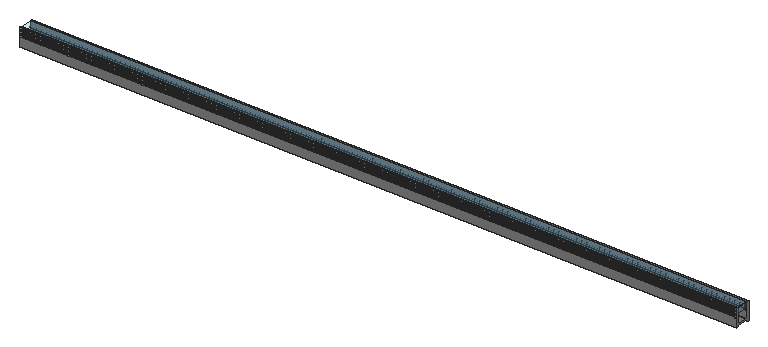
Revit family "LC1502", category Luminarias, Revit 2019
Family settings
  Cota de conector redondo = Diámetro de uso
  Tipo de pieza = Normal
  Se basa en plano de trabajo = Sí
  Siempre vertical = No
  Corte con vacíos al cargar = No
  Origen de luz = No
  Compartido = No
  Punto de cálculo de habitación = No
Parameters (values of type "LC1502")
  Zone [instance] = ""
  Watt per fixture [instance] = (Longitud / 1000 mm) * (10)  # 10
  Modelo = "LC1502"
  Lámpara = "2835 SMD"
  Longitud [instance] = 1000 mm
  Fabricante = "BRILLANT"
  Default Elevation = 0 mm
  Descripción = "PERFIL DE ALUMINIO ARMADO DE 1M DE TIRA LED 2835 CON UNA POTENCIA DE 10W DE 1000MM DE LARGO POR 20MM DE ANCHO POR 24MM DE ALTO, INSTALACION EMPOTRADO EN SUPERFICIE CON 0.2M DE CABLE. PESO MAXIMO PARA SOPORTAR 24.2kN. PRESENTACION DE 1 METRO. IP 67, TEMPERATURA DE COLOR A BLANCO CALIDO 3000K, ALIMENTADO A 24V."
  Costo USD_LC1502 [instance] = (Longitud / 1000 mm) * (100)  # 100
  Costo = 0
  Comentarios de vataje = "24V"
  Circuit [instance] = ""
  Ancho = 20 mm
  Altura = 24 mm
Reference planes
  plane 1 "Centro (Frontal/Posterior)": y = 0
  plane 2: z = 0
  plane 3 "Centro (Izquierda/Derecha)": x = 0
  plane 4: x = 0
  plane 5: z = 24
  plane 6: x = -1000
  plane 7: y = 10
  plane 8: y = -10
Forms (mm)
  Extrusion 1, solid, material "Default Floor"
    sketch origin (0, 0, 0) x (0, 1, 0) y (0, 0, 1)
      loop
        line (-10, 24) -> (-10, 22.999)
        arc (-10, 22.999) -> (-9.556, 22.555) -> (-10, 22.112) r 0.444
        line (-10, 22.112) -> (-10, 21.312)
        arc (-10, 21.312) -> (-9.556, 20.868) -> (-10, 20.424) r 0.444
        line (-10, 20.424) -> (-10, 19.624)
        arc (-10, 19.624) -> (-9.556, 19.181) -> (-10, 18.737) r 0.444
        line (-10, 18.737) -> (-10, 17.937)
        arc (-10, 17.937) -> (-9.556, 17.494) -> (-10, 17.05) r 0.444
        line (-10, 17.05) -> (-10, 16.25)
        arc (-10, 16.25) -> (-9.556, 15.806) -> (-10, 15.363) r 0.444
        line (-10, 15.363) -> (-10, 14.563)
        arc (-10, 14.563) -> (-9.556, 14.119) -> (-10, 13.675) r 0.444
        line (-10, 13.675) -> (-10, 12.875)
        arc (-10, 12.875) -> (-9.556, 12.432) -> (-10, 11.988) r 0.444
        line (-10, 11.988) -> (-10, 0) -> (-7.991, 0) -> (-7.991, 1.249) -> (7.991, 1.249) -> (7.991, 0) -> (10, 0) -> (10, 11.988)
        arc (10, 11.988) -> (9.556, 12.432) -> (10, 12.875) r 0.444
        line (10, 12.875) -> (10, 13.675)
        arc (10, 13.675) -> (9.556, 14.119) -> (10, 14.563) r 0.444
        line (10, 14.563) -> (10, 15.363)
        arc (10, 15.363) -> (9.556, 15.806) -> (10, 16.25) r 0.444
        line (10, 16.25) -> (10, 17.05)
        arc (10, 17.05) -> (9.556, 17.494) -> (10, 17.937) r 0.444
        line (10, 17.937) -> (10, 18.737)
        arc (10, 18.737) -> (9.556, 19.181) -> (10, 19.624) r 0.444
        line (10, 19.624) -> (10, 20.424)
        arc (10, 20.424) -> (9.556, 20.868) -> (10, 21.312) r 0.444
        line (10, 21.312) -> (10, 22.112)
        arc (10, 22.112) -> (9.556, 22.555) -> (10, 22.999) r 0.444
        line (10, 22.999) -> (10, 24) -> (7.991, 24) -> (7.991, 3.41) -> (6.148, 3.41) -> (5.449, 4.109) -> (-5.449, 4.109) -> (-6.148, 3.41) -> (-7.991, 3.41) -> (-7.991, 24) -> (-10, 24)
    from -1000 to 0
  Extrusion 2, solid, material "Cristal"
    sketch origin (0, 0, 0) x (0, 1, 0) y (0, 0, 1)
      loop
        line (-7.991, 24) -> (-7.991, 17.626) -> (-6.091, 15.726) -> (6.091, 15.726) -> (7.991, 17.626) -> (7.991, 24) -> (-7.991, 24)
    from -1000 to 0
Dimensions and locks
  "Longitud": plane 6 to plane 4
  equal spacing: plane 7, plane 1 "Centro (Frontal/Posterior)", plane 8
  plane 7 to plane 1 "Centro (Frontal/Posterior)" = 10 mm
  "Ancho": plane 7 to plane 8
  "Altura": plane 5 to plane 2
  locked: Extrusion 2 sketch curve to Extrusion 2 sketch curve at 8.274
  aligned and locked: level to plane 2
  aligned and locked: plane 6 to Extrusion 1
  aligned and locked: plane 3 "Centro (Izquierda/Derecha)" to Extrusion 1
  aligned and locked: Extrusion 2 sketch curve to Extrusion 1  (x2)
  aligned and locked: Extrusion 1 to Extrusion 2 sketch curve
  aligned and locked: plane 6 to Extrusion 2
  aligned and locked: plane 3 "Centro (Izquierda/Derecha)" to Extrusion 2
Automatic sketch dimensions
  Extrusion 1 sketch curve to plane 5 = 0 mm  (x2)
  Extrusion 1 sketch curve to plane 8 = 0 mm
  Extrusion 1 sketch curve to level = 0 mm  (x2)
  Extrusion 1 sketch curve to plane 7 = 0 mm
  Extrusion 1 sketch curve to plane 8 = 2.009 mm  (x2)
  Extrusion 1 sketch curve to Extrusion 1 sketch curve = 1.843 mm  (x2)
  Extrusion 1 sketch curve to Extrusion 1 sketch curve = 0.699 mm  (x4)
  plane 7 to Extrusion 1 sketch curve = 3.852 mm
  plane 7 to Extrusion 1 sketch curve = 2.009 mm
  level to Extrusion 1 sketch curve = 1.249 mm
  Extrusion 1 sketch curve to Extrusion 1 sketch curve = 2.161 mm
  Extrusion 1 sketch curve to Extrusion 1 sketch curve = 8.578 mm  (x2)
  Extrusion 1 sketch curve to Extrusion 1 sketch curve = 0.444 mm  (x14)
  Extrusion 1 sketch curve to Extrusion 1 sketch curve = 0.8 mm  (x12)
  Extrusion 2 sketch curve to Extrusion 2 sketch curve = 1.9 mm  (x4)
Connectors
  electrical at (0, 0, 13.868)
    settings: on Extrusion 1, index 1, voltage 24 V, apparent load 0 VA, apparent load phase1 0 VA, apparent load phase2 0 VA, apparent load phase3 0 VA, power factor 1, load classification "Otro", number of poles 1, system type 31, power factor state 1, is connector primary yes, connector utility no, sub classification motor no, connector description ""
